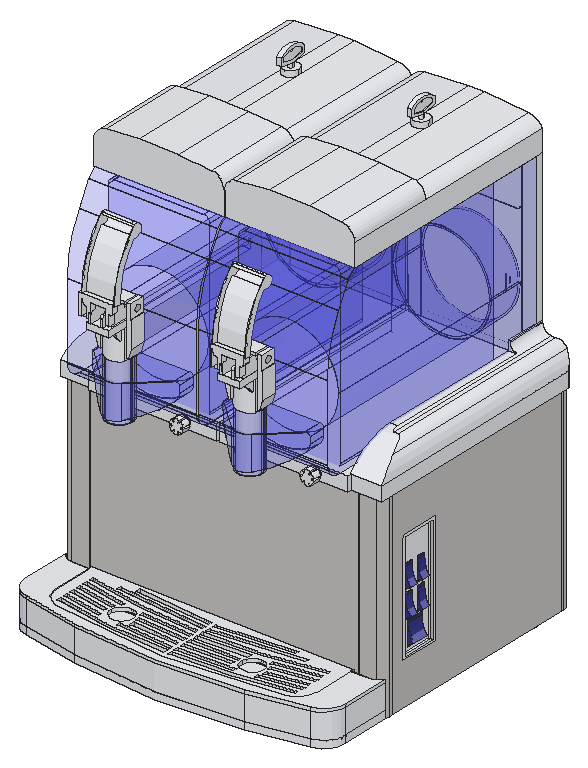
Revit family "QF_ELECTROLUXPROFESSIONAL_560107_SP2NewUVUK", category Specialty Equipment, Revit 2018
Family settings
  Round Connector Dimension = Use Diameter
  Part Type = Normal
  Work Plane-Based = No
  Always vertical = Yes
  Cut with Voids When Loaded = No
  Shared = No
  Room Calculation Point = No
Parameters (values of type "Standard")
  Watts = 0 W
  Volts = 220 V
  URL Manufacturer = "http://professional.electrolux.com"
  URL = "http://professional.electrolux.com"
  Steam Supply Size = 0 mm
  Steam Supply Minimum Pressure = 0.0 Pa
  Steam Supply Maximum Pressure = 0.0 Pa
  Steam Pounds per Hour = 0
  Refrigeration Suction Line Size = 0 mm
  Refrigeration Liquid Line Size = 0 mm
  Refrigerant Compressor Remote = yes
  Manufacturer = "Electrolux Professional"
  Phase = 1
  Model = "SP2NewUVUK"
  Length Actual = 447 mm  # constant formula
  Item Number = "560107"
  Hot Water Size = 0 mm
  Height Actual = 613 mm  # constant formula
  HP = "1.1 HP"
  Gas Size = 0 mm
  Gas KW = 0
  Gas Input Pressure = 0 W
  Direct Waste Size = 0 mm
  Description = "2x5 LITERS BOWLS - FROZEN GRANITA AND FROZEN CREAM DISPENSER -  2 INSULATED BOWLS - UV LIGHT - UK"
  Depth Actual = 442 mm  # constant formula
  Cycle = 50 Hz
  Condensate Return Size = 0 mm
  Compressed Air Volume = 0.0 L/s
  Compressed Air Size = 0 mm
  Compressed Air Pressure = 0.0 Pa
  Cold Water Size = 0 mm
  Accessory = yes
Reference planes
  plane 1 "Center (Front/Back)": y = 0
  plane 2 "BASE": z = 0
  plane 3 "Center (Left/Right)": x = 0
  plane 4 "FEET": z = 14
  plane 5 "BACK": y = 212
  plane 6 "LEFT": x = -223.5
  plane 7 "RIGHT": x = 223.5
  plane 8: y = 169
  plane 9: y = -118.5
  plane 10 "BackButton": z = 362.798
  plane 11 "TOP": z = 640
  plane 12 "FRONT": y = -230
Forms (mm)
  Extrusion 1, solid, material "QF_Finishes_Rubber Black"
    sketch origin (-29, 0, 0) x (1, 0, 0) y (0, 1, 0)
      loop
        circle (-163.5, 169) r 12.5
    from 0 to 3
  Blend 2, solid
    base sketch origin (-29, 0, 0) x (1, 0, 0) y (0, 1, 0)
      loop
        circle (-163.5, 169) r 15.5
    top sketch origin (-29, 0, 0) x (1, 0, 0) y (0, 1, 0)
      loop
        circle (-163.5, 169) r 17
    from 3 to 14
  Extrusion 3, solid, material "QF_Finishes_Rubber Black"
    sketch origin (171, 0, 0) x (1, 0, 0) y (0, 1, 0)
      loop
        circle (21.5, 169) r 12.5
    from 0 to 3
  Blend 4, solid
    base sketch origin (171, 0, 0) x (1, 0, 0) y (0, 1, 0)
      loop
        circle (21.5, 169) r 15.5
    top sketch origin (171, 0, 0) x (1, 0, 0) y (0, 1, 0)
      loop
        circle (21.5, 169) r 17
    from 3 to 14
  Extrusion 5, solid, material "QF_Finishes_Rubber Black"
    sketch origin (171, -267.5, 0) x (1, 0, 0) y (0, 1, 0)
      loop
        circle (21.5, 186.5) r 12.5
    from 0 to 3
  Blend 6, solid
    base sketch origin (171, -267.5, 0) x (1, 0, 0) y (0, 1, 0)
      loop
        circle (21.5, 186.5) r 15.5
    top sketch origin (171, -267.5, 0) x (1, 0, 0) y (0, 1, 0)
      loop
        circle (21.5, 186.5) r 17
    from 3 to 14
  Extrusion 7, solid, material "QF_Finishes_Rubber Black"
    sketch origin (-29, -267.5, 0) x (1, 0, 0) y (0, 1, 0)
      loop
        circle (-163.5, 186.5) r 12.5
    from 0 to 3
  Blend 8, solid
    base sketch origin (-29, -267.5, 0) x (1, 0, 0) y (0, 1, 0)
      loop
        circle (-163.5, 186.5) r 15.5
    top sketch origin (-29, -267.5, 0) x (1, 0, 0) y (0, 1, 0)
      loop
        circle (-163.5, 186.5) r 17
    from 3 to 14
  Extrusion 9, solid, material "QF_Finishes_Stainless Steel"
    sketch origin (-198, 50, 14) x (-1, 0, 0) y (0, -1, 0)
      loop
        circle (-21.5, 81) r 10
    from 0 to -10
  Extrusion 10, solid, material "QF_Finishes_Stainless Steel"
    sketch origin (223.5, 0, 0) x (0, -1, 0) y (0, 0, 1)
      loop
        line (-195.256, 14) -> (96.764, 14) -> (96.764, 286) -> (-195.256, 286) -> (-195.256, 14)
      loop
        line (75.773, 225.287) -> (25.71, 225.287) -> (25.71, 75.287) -> (75.773, 75.287) -> (75.773, 225.287)
    from 6 to 3
  Extrusion 11, solid, material "QF_Finishes_Stainless Steel"
    sketch origin (-225.5, 0, 0) x (0, -1, 0) y (0, 0, -1)
      loop
        line (-195.256, -14) -> (-195.256, -286) -> (96.764, -286) -> (96.764, -14) -> (-195.256, -14)
    from 8 to 5
  Extrusion 12, solid, material "QF_Finishes_Stainless Steel"
    sketch origin (0, 0, 14) x (-1, 0, 0) y (0, -1, 0)
      loop
        line (-220.5, 100.829) -> (-220.5, 96.764) -> (-217.5, 96.764) -> (-217.5, 100.829)
        arc (-217.5, 100.829) -> (-215.45, 105.778) -> (-210.5, 107.829) r 7
        line (-210.5, 107.829) -> (-185.657, 107.829) -> (-185.657, 110.829) -> (-210.5, 110.829)
        arc (-210.5, 110.829) -> (-217.571, 107.9) -> (-220.5, 100.829) r 10
    from 0 to 272
  Extrusion 13, solid, material "QF_Finishes_Stainless Steel"
    sketch origin (0, 0, 14) x (1, 0, 0) y (0, 1, 0)
      loop
        arc (-220.5, -100.829) -> (-217.571, -107.9) -> (-210.5, -110.829) r 10
        line (-210.5, -110.829) -> (-185.657, -110.829) -> (-185.657, -107.829) -> (-210.5, -107.829)
        arc (-210.5, -107.829) -> (-215.45, -105.778) -> (-217.5, -100.829) r 7
        line (-217.5, -100.829) -> (-217.5, -96.764) -> (-220.5, -96.764) -> (-220.5, -100.829)
    from 0 to 272
  Extrusion 14, solid, material "QF_Finishes_Stainless Steel"
    sketch origin (0, 98.492, 14) x (-1, 0, 0) y (0, -1, 0)
      loop
        arc (-220.5, -100.829) -> (-217.571, -107.9) -> (-210.5, -110.829) r 10
        line (-210.5, -110.829) -> (-185.657, -110.829) -> (-185.657, -107.829) -> (-210.5, -107.829)
        arc (-210.5, -107.829) -> (-215.45, -105.778) -> (-217.5, -100.829) r 7
        line (-217.5, -100.829) -> (-217.5, -96.764) -> (-220.5, -96.764) -> (-220.5, -100.829)
    from 0 to 272
  Extrusion 15, solid, material "QF_Finishes_Stainless Steel"
    sketch origin (0, 98.492, 14) x (1, 0, 0) y (0, 1, 0)
      loop
        line (-220.5, 100.829) -> (-220.5, 96.764) -> (-217.5, 96.764) -> (-217.5, 100.829)
        arc (-217.5, 100.829) -> (-215.45, 105.778) -> (-210.5, 107.829) r 7
        line (-210.5, 107.829) -> (-185.657, 107.829) -> (-185.657, 110.829) -> (-210.5, 110.829)
        arc (-210.5, 110.829) -> (-217.571, 107.9) -> (-220.5, 100.829) r 10
    from 0 to 272
  Extrusion 16, solid, material "QF_Finishes_White"
    sketch origin (0, 0, 14) x (-1, 0, 0) y (0, -1, 0)
      loop
        line (185.657, -209.321) -> (185.657, -206.321) -> (-185.657, -206.321) -> (-185.657, -209.321) -> (185.657, -209.321)
    from 0 to 272
  Extrusion 17, solid, material "QF_Finishes_Stainless Steel"
    sketch origin (0, 0, 14) x (-1, 0, 0) y (0, -1, 0)
      loop
        line (185.657, 107.829) -> (185.657, 110.829) -> (-185.657, 110.829) -> (-185.657, 107.829) -> (185.657, 107.829)
    from 0 to 272
  Extrusion 18, solid, material "QF_Finishes_White"
    sketch origin (0, 0, 0) x (0, 1, 0) y (0, 0, 1)
      loop
        line (-77.773, 227.287) -> (-77.773, 73.287) -> (-23.71, 73.287) -> (-23.71, 227.287) -> (-77.773, 227.287)
    from 210.5 to 220.5
  Extrusion 19, void
    sketch origin (0, 0, 0) x (0, 1, 0) y (0, 0, 1)
      loop
        line (-75.773, 225.287) -> (-75.773, 75.287) -> (-25.71, 75.287) -> (-25.71, 225.287) -> (-75.773, 225.287)
    from 212.5 to 220.5
  Extrusion 20, solid, material "QF_Finishes_Rubber Black"
    sketch origin (0, -225, 0) x (-1, 0, 0) y (0, 0, 1)
      loop
        line (-212.5, 113.524) -> (-214.745, 113.524) -> (-214.745, 110.624)
        arc (-214.745, 110.624) -> (-216.502, 98.098) -> (-221.637, 86.539) r 45.529
        line (-221.637, 86.539) -> (-214.745, 83.471) -> (-214.745, 81.362) -> (-212.5, 81.362) -> (-212.5, 113.524)
    from 186 to 163
  Extrusion 21, solid, material "QF_Finishes_Rubber Black"
    sketch origin (0, -225, 0) x (-1, 0, 0) y (0, 0, 1)
      loop
        line (-212.5, 185.457) -> (-214.745, 185.457) -> (-214.745, 182.557)
        arc (-214.745, 182.557) -> (-216.502, 170.032) -> (-221.637, 158.473) r 45.529
        line (-221.637, 158.473) -> (-214.745, 155.405) -> (-214.745, 153.296) -> (-212.5, 153.296) -> (-212.5, 185.457)
    from 190 to 180
  Extrusion 22, solid, material "QF_Finishes_Rubber Black"
    sketch origin (0, -225, 0) x (-1, 0, 0) y (0, 0, 1)
      loop
        line (-212.5, 148.728) -> (-214.745, 148.728) -> (-214.745, 145.828)
        arc (-214.745, 145.828) -> (-216.502, 133.303) -> (-221.637, 121.744) r 45.529
        line (-221.637, 121.744) -> (-214.745, 118.675) -> (-214.745, 116.567) -> (-212.5, 116.567) -> (-212.5, 148.728)
    from 190 to 180
  Extrusion 23, solid, material "QF_Finishes_Rubber Black"
    sketch origin (0, 123.518, 0) x (-1, 0, 0) y (0, 0, -1)
      loop
        line (-212.5, -185.457) -> (-212.5, -153.296) -> (-214.745, -153.296) -> (-214.745, -155.405) -> (-221.637, -158.473)
        arc (-221.637, -158.473) -> (-216.502, -170.032) -> (-214.745, -182.557) r 45.529
        line (-214.745, -182.557) -> (-214.745, -185.457) -> (-212.5, -185.457)
    from 190 to 180
  Extrusion 24, solid, material "QF_Finishes_Rubber Black"
    sketch origin (0, 123.518, 0) x (-1, 0, 0) y (0, 0, -1)
      loop
        line (-212.5, -148.728) -> (-212.5, -116.567) -> (-214.745, -116.567) -> (-214.745, -118.675) -> (-221.637, -121.744)
        arc (-221.637, -121.744) -> (-216.502, -133.303) -> (-214.745, -145.828) r 45.529
        line (-214.745, -145.828) -> (-214.745, -148.728) -> (-212.5, -148.728)
    from 190 to 180
  Extrusion 25, solid, material "QF_Finishes_White"
    sketch origin (0, 0, 14) x (-1, 0, 0) y (0, -1, 0)
      loop
        arc (203.5, 118) -> (213.228, 115.474) -> (220.5, 108.536) r 20
        line (220.5, 108.536) -> (220.5, 176.53)
        arc (220.5, 176.53) -> (213.649, 195.612) -> (196.224, 205.979) r 30
        line (196.224, 205.979) -> (117.634, 221.255)
        arc (117.634, 221.255) -> (0, 230) -> (-117.634, 221.255) r 795.559
        line (-117.634, 221.255) -> (-196.224, 205.979)
        arc (-196.224, 205.979) -> (-213.649, 195.612) -> (-220.5, 176.53) r 30
        line (-220.5, 176.53) -> (-220.5, 108.536)
        arc (-220.5, 108.536) -> (-213.228, 115.474) -> (-203.5, 118) r 20
        line (-203.5, 118) -> (-180.657, 118) -> (-180.657, 174.118)
        arc (-180.657, 174.118) -> (-173.912, 193.071) -> (-156.71, 203.501) r 30
        arc (-156.71, 203.501) -> (0, 219.475) -> (156.71, 203.501) r 776.665
        arc (156.71, 203.501) -> (173.912, 193.071) -> (180.657, 174.118) r 30
        line (180.657, 174.118) -> (180.657, 118) -> (203.5, 118)
    from 0 to 49
  Extrusion 26, solid, material "QF_Finishes_White"
    sketch origin (0, 0, 14) x (-1, 0, 0) y (0, -1, 0)
      loop
        line (220.5, 108.536) -> (220.5, 176.53)
        arc (220.5, 176.53) -> (213.649, 195.612) -> (196.224, 205.979) r 30
        line (196.224, 205.979) -> (117.634, 221.255)
        arc (117.634, 221.255) -> (0, 230) -> (-117.634, 221.255) r 795.559
        line (-117.634, 221.255) -> (-196.224, 205.979)
        arc (-196.224, 205.979) -> (-213.649, 195.612) -> (-220.5, 176.53) r 30
        line (-220.5, 176.53) -> (-220.5, 108.536)
        arc (-220.5, 108.536) -> (-213.228, 115.474) -> (-203.5, 118) r 20
        line (-203.5, 118) -> (-180, 118) -> (-180, 113) -> (180, 113) -> (180, 118) -> (203.5, 118)
        arc (203.5, 118) -> (213.228, 115.474) -> (220.5, 108.536) r 20
    from 45 to 49
  Extrusion 27, solid, material "QF_Finishes_White"
    sketch origin (0, 0, 14) x (-1, 0, 0) y (0, -1, 0)
      loop
        line (220.5, 108.536) -> (220.5, 176.53)
        arc (220.5, 176.53) -> (213.649, 195.612) -> (196.224, 205.979) r 30
        line (196.224, 205.979) -> (117.634, 221.255)
        arc (117.634, 221.255) -> (0, 230) -> (-117.634, 221.255) r 795.559
        line (-117.634, 221.255) -> (-196.224, 205.979)
        arc (-196.224, 205.979) -> (-213.649, 195.612) -> (-220.5, 176.53) r 30
        line (-220.5, 176.53) -> (-220.5, 108.536)
        arc (-220.5, 108.536) -> (-213.228, 115.474) -> (-203.5, 118) r 20
        line (-203.5, 118) -> (-180, 118) -> (-180, 113) -> (180, 113) -> (180, 118) -> (203.5, 118)
        arc (203.5, 118) -> (213.228, 115.474) -> (220.5, 108.536) r 20
    from 0 to 10
  Extrusion 28, void
    sketch origin (0, 0, 14) x (-1, 0, 0) y (0, -1, 0)
      loop
        circle (90, 174.177) r 15.5
      loop
        arc (164.485, 193.398) -> (84.102, 206.528) -> (2.783, 211.117) r 772.106
        line (2.783, 211.117) -> (2.783, 205.117)
        arc (2.783, 205.117) -> (84.109, 200.491) -> (164.485, 187.256) r 766.106
        line (164.485, 187.256) -> (164.485, 193.398)
      loop
        line (2.783, 200.117) -> (2.783, 194.117)
        arc (2.783, 194.117) -> (41.62, 192.974) -> (80.347, 189.836) r 755.106
        line (80.347, 189.836) -> (80.347, 195.869)
        arc (80.347, 195.869) -> (41.619, 198.984) -> (2.783, 200.117) r 761.106
      loop
        line (2.783, 189.117) -> (2.783, 183.117)
        arc (2.783, 183.117) -> (36.168, 182.243) -> (69.481, 179.871) r 744.106
        line (69.481, 179.871) -> (69.481, 185.897)
        arc (69.481, 185.897) -> (36.168, 188.25) -> (2.783, 189.117) r 750.106
      loop
        line (2.783, 178.117) -> (2.783, 172.117)
        arc (2.783, 172.117) -> (37.054, 171.185) -> (71.244, 168.652) r 733.106
        line (71.244, 168.652) -> (71.244, 174.681)
        arc (71.244, 174.681) -> (37.054, 177.193) -> (2.783, 178.117) r 739.106
      loop
        line (2.783, 167.117) -> (2.783, 161.117)
        arc (2.783, 161.117) -> (38.826, 160.078) -> (74.773, 157.241) r 722.106
        line (74.773, 157.241) -> (74.773, 163.273)
        arc (74.773, 163.273) -> (38.825, 166.086) -> (2.783, 167.117) r 728.106
      loop
        line (2.783, 156.117) -> (2.783, 150.117)
        arc (2.783, 150.117) -> (84.188, 145.121) -> (164.485, 130.837) r 711.106
        line (164.485, 130.837) -> (164.485, 137.003)
        arc (164.485, 137.003) -> (84.178, 151.165) -> (2.783, 156.117) r 717.106
      loop
        line (107.446, 192.5) -> (107.446, 186.439)
        arc (107.446, 186.439) -> (136.066, 181.762) -> (164.485, 175.99) r 755.106
        line (164.485, 175.99) -> (164.485, 182.136)
        arc (164.485, 182.136) -> (136.064, 187.861) -> (107.446, 192.5) r 761.106
      loop
        line (110.037, 181.007) -> (110.037, 174.941)
        arc (110.037, 174.941) -> (137.356, 170.335) -> (164.485, 164.715) r 744.106
        line (164.485, 164.715) -> (164.485, 170.866)
        arc (164.485, 170.866) -> (137.355, 176.439) -> (110.037, 181.007) r 750.106
      loop
        line (107.446, 170.271) -> (107.446, 164.206)
        arc (107.446, 164.206) -> (136.072, 159.383) -> (164.485, 153.432) r 733.106
        line (164.485, 153.432) -> (164.485, 159.587)
        arc (164.485, 159.587) -> (136.071, 165.489) -> (107.446, 170.271) r 739.106
      loop
        line (101.843, 159.965) -> (101.843, 153.904)
        arc (101.843, 153.904) -> (133.294, 148.713) -> (164.485, 142.139) r 722.106
        line (164.485, 142.139) -> (164.485, 148.3)
        arc (164.485, 148.3) -> (133.292, 154.818) -> (101.843, 159.965) r 728.106
      loop
        line (2.763, 145.117) -> (2.763, 139.117)
        arc (2.763, 139.117) -> (66.368, 135.969) -> (129.424, 127.055) r 700.106
        line (129.424, 127.055) -> (129.424, 133.16)
        arc (129.424, 133.16) -> (66.364, 141.997) -> (2.763, 145.117) r 706.106
      loop
        line (2.72, 134.117) -> (2.72, 128.117)
        arc (2.72, 128.117) -> (56.552, 125.798) -> (110.037, 119.28) r 689.106
        line (110.037, 119.28) -> (110.037, 125.358)
        arc (110.037, 125.358) -> (56.549, 131.818) -> (2.72, 134.117) r 695.106
      loop
        circle (-90, 174.177) r 15.5
      loop
        line (-164.485, 193.398) -> (-164.485, 187.256)
        arc (-164.485, 187.256) -> (-84.109, 200.491) -> (-2.783, 205.117) r 766.106
        line (-2.783, 205.117) -> (-2.783, 211.117)
        arc (-2.783, 211.117) -> (-84.102, 206.528) -> (-164.485, 193.398) r 772.106
      loop
        arc (-2.783, 200.117) -> (-41.619, 198.984) -> (-80.347, 195.869) r 761.106
        line (-80.347, 195.869) -> (-80.347, 189.836)
        arc (-80.347, 189.836) -> (-41.62, 192.974) -> (-2.783, 194.117) r 755.106
        line (-2.783, 194.117) -> (-2.783, 200.117)
      loop
        arc (-2.783, 189.117) -> (-36.168, 188.25) -> (-69.481, 185.897) r 750.106
        line (-69.481, 185.897) -> (-69.481, 179.871)
        arc (-69.481, 179.871) -> (-36.168, 182.243) -> (-2.783, 183.117) r 744.106
        line (-2.783, 183.117) -> (-2.783, 189.117)
      loop
        arc (-2.783, 178.117) -> (-37.054, 177.193) -> (-71.244, 174.681) r 739.106
        line (-71.244, 174.681) -> (-71.244, 168.652)
        arc (-71.244, 168.652) -> (-37.054, 171.185) -> (-2.783, 172.117) r 733.106
        line (-2.783, 172.117) -> (-2.783, 178.117)
      loop
        arc (-2.783, 167.117) -> (-38.825, 166.086) -> (-74.773, 163.273) r 728.106
        line (-74.773, 163.273) -> (-74.773, 157.241)
        arc (-74.773, 157.241) -> (-38.826, 160.078) -> (-2.783, 161.117) r 722.106
        line (-2.783, 161.117) -> (-2.783, 167.117)
      loop
        arc (-2.783, 156.117) -> (-84.178, 151.165) -> (-164.485, 137.003) r 717.106
        line (-164.485, 137.003) -> (-164.485, 130.837)
        arc (-164.485, 130.837) -> (-84.188, 145.121) -> (-2.783, 150.117) r 711.106
        line (-2.783, 150.117) -> (-2.783, 156.117)
      loop
        arc (-107.446, 192.5) -> (-136.064, 187.861) -> (-164.485, 182.136) r 761.106
        line (-164.485, 182.136) -> (-164.485, 175.99)
        arc (-164.485, 175.99) -> (-136.066, 181.762) -> (-107.446, 186.439) r 755.106
        line (-107.446, 186.439) -> (-107.446, 192.5)
      loop
        arc (-110.037, 181.007) -> (-137.355, 176.439) -> (-164.485, 170.866) r 750.106
        line (-164.485, 170.866) -> (-164.485, 164.715)
        arc (-164.485, 164.715) -> (-137.356, 170.335) -> (-110.037, 174.941) r 744.106
        line (-110.037, 174.941) -> (-110.037, 181.007)
      loop
        arc (-107.446, 170.271) -> (-136.071, 165.489) -> (-164.485, 159.587) r 739.106
        line (-164.485, 159.587) -> (-164.485, 153.432)
        arc (-164.485, 153.432) -> (-136.072, 159.383) -> (-107.446, 164.206) r 733.106
        line (-107.446, 164.206) -> (-107.446, 170.271)
      loop
        arc (-101.843, 159.965) -> (-133.292, 154.818) -> (-164.485, 148.3) r 728.106
        line (-164.485, 148.3) -> (-164.485, 142.139)
        arc (-164.485, 142.139) -> (-133.294, 148.713) -> (-101.843, 153.904) r 722.106
        line (-101.843, 153.904) -> (-101.843, 159.965)
      loop
        arc (-2.763, 145.117) -> (-66.364, 141.997) -> (-129.424, 133.16) r 706.106
        line (-129.424, 133.16) -> (-129.424, 127.055)
        arc (-129.424, 127.055) -> (-66.368, 135.969) -> (-2.763, 139.117) r 700.106
        line (-2.763, 139.117) -> (-2.763, 145.117)
      loop
        arc (-2.72, 134.117) -> (-56.549, 131.818) -> (-110.037, 125.358) r 695.106
        line (-110.037, 125.358) -> (-110.037, 119.28)
        arc (-110.037, 119.28) -> (-56.552, 125.798) -> (-2.72, 128.117) r 689.106
        line (-2.72, 128.117) -> (-2.72, 134.117)
    from 35.454 to 54.996
  Extrusion 29, solid, material "QF_Clearances", detail levels coarse
    sketch origin (888.173, -11.659, 0) x (1, 0, 0) y (0, 1, 0)
      loop
        line (-1111.81, -218.341) -> (-1111.81, 223.659) -> (-664.81, 223.659) -> (-664.81, -218.341) -> (-464.81, -218.341) -> (-464.81, 423.659) -> (-1311.81, 423.659) -> (-1311.81, -218.341) -> (-1111.81, -218.341)
    from 0 to 640
Cuts and joins
  Extrusion 19 cuts Extrusion 18
  Extrusion 28 cuts Extrusion 26
  Extrusion 28 cuts Extrusion 27
Lines and regions (mm)
  Split face 1
    outline origin (220.5, 154.141, 0) x (0, -1, 0) y (0, 0, 1)
      loop
        line (54.641, 200.213) -> (-10.359, 200.213) -> (-14.859, 192.213) -> (59.141, 192.213) -> (54.641, 200.213)
  Split face 2
    outline origin (220.5, 154.141, -10) x (0, -1, 0) y (0, 0, 1)
      loop
        line (54.641, 200.213) -> (-10.359, 200.213) -> (-14.859, 192.213) -> (59.141, 192.213) -> (54.641, 200.213)
  Split face 3
    outline origin (220.5, 154.141, -20) x (0, -1, 0) y (0, 0, 1)
      loop
        line (54.641, 200.213) -> (-10.359, 200.213) -> (-14.859, 192.213) -> (59.141, 192.213) -> (54.641, 200.213)
  Split face 4
    outline origin (220.5, 154.141, -30) x (0, -1, 0) y (0, 0, 1)
      loop
        line (54.641, 200.213) -> (-10.359, 200.213) -> (-14.859, 192.213) -> (59.141, 192.213) -> (54.641, 200.213)
  Split face 5
    outline origin (220.5, 154.141, -40) x (0, -1, 0) y (0, 0, 1)
      loop
        line (54.641, 200.213) -> (-10.359, 200.213) -> (-14.859, 192.213) -> (59.141, 192.213) -> (54.641, 200.213)
  Split face 6
    outline origin (220.5, 154.141, -50) x (0, -1, 0) y (0, 0, 1)
      loop
        line (54.641, 200.213) -> (-10.359, 200.213) -> (-14.859, 192.213) -> (59.141, 192.213) -> (54.641, 200.213)
  Split face 7
    outline origin (220.5, 154.141, -60) x (0, -1, 0) y (0, 0, 1)
      loop
        line (54.641, 200.213) -> (-10.359, 200.213) -> (-14.859, 192.213) -> (59.141, 192.213) -> (54.641, 200.213)
  Split face 8
    outline origin (220.5, 154.141, -70) x (0, -1, 0) y (0, 0, 1)
      loop
        line (54.641, 200.213) -> (-10.359, 200.213) -> (-14.859, 192.213) -> (59.141, 192.213) -> (54.641, 200.213)
  Split face 9
    outline origin (220.5, 154.141, -80) x (0, -1, 0) y (0, 0, 1)
      loop
        line (54.641, 200.213) -> (-10.359, 200.213) -> (-14.859, 192.213) -> (59.141, 192.213) -> (54.641, 200.213)
  Split face 10
    outline origin (220.5, 154.141, -90) x (0, -1, 0) y (0, 0, 1)
      loop
        line (54.641, 200.213) -> (-10.359, 200.213) -> (-14.859, 192.213) -> (59.141, 192.213) -> (54.641, 200.213)
  Split face 11
    outline origin (220.5, 154.141, -100) x (0, -1, 0) y (0, 0, 1)
      loop
        line (54.641, 200.213) -> (-10.359, 200.213) -> (-14.859, 192.213) -> (59.141, 192.213) -> (54.641, 200.213)
  Split face 12
    outline origin (220.5, 154.141, -110) x (0, -1, 0) y (0, 0, 1)
      loop
        line (54.641, 200.213) -> (-10.359, 200.213) -> (-14.859, 192.213) -> (59.141, 192.213) -> (54.641, 200.213)
  Split face 13
    outline origin (220.5, 154.141, -120) x (0, -1, 0) y (0, 0, 1)
      loop
        line (54.641, 200.213) -> (-10.359, 200.213) -> (-14.859, 192.213) -> (59.141, 192.213) -> (54.641, 200.213)
  Split face 14
    outline origin (220.5, 154.141, -130) x (0, -1, 0) y (0, 0, 1)
      loop
        line (54.641, 200.213) -> (-10.359, 200.213) -> (-14.859, 192.213) -> (59.141, 192.213) -> (54.641, 200.213)
  Split face 15
    outline origin (220.5, 154.141, -140) x (0, -1, 0) y (0, 0, 1)
      loop
        line (54.641, 200.213) -> (-10.359, 200.213) -> (-14.859, 192.213) -> (59.141, 192.213) -> (54.641, 200.213)
  Split face 16
    outline origin (220.5, 154.141, -150) x (0, -1, 0) y (0, 0, 1)
      loop
        line (54.641, 200.213) -> (-10.359, 200.213) -> (-14.859, 192.213) -> (59.141, 192.213) -> (54.641, 200.213)
  Split face 17
    outline origin (220.5, 154.141, 70) x (0, -1, 0) y (0, 0, 1)
      loop
        line (54.641, 200.213) -> (-10.359, 200.213) -> (-14.859, 192.213) -> (59.141, 192.213) -> (54.641, 200.213)
  Split face 18
    outline origin (220.5, 154.141, 60) x (0, -1, 0) y (0, 0, 1)
      loop
        line (54.641, 200.213) -> (-10.359, 200.213) -> (-14.859, 192.213) -> (59.141, 192.213) -> (54.641, 200.213)
  Split face 19
    outline origin (220.5, 154.141, 50) x (0, -1, 0) y (0, 0, 1)
      loop
        line (54.641, 200.213) -> (-10.359, 200.213) -> (-14.859, 192.213) -> (59.141, 192.213) -> (54.641, 200.213)
  Split face 20
    outline origin (220.5, 154.141, 40) x (0, -1, 0) y (0, 0, 1)
      loop
        line (54.641, 200.213) -> (-10.359, 200.213) -> (-14.859, 192.213) -> (59.141, 192.213) -> (54.641, 200.213)
  Split face 21
    outline origin (220.5, 154.141, 30) x (0, -1, 0) y (0, 0, 1)
      loop
        line (54.641, 200.213) -> (-10.359, 200.213) -> (-14.859, 192.213) -> (59.141, 192.213) -> (54.641, 200.213)
  Split face 22
    outline origin (220.5, 154.141, 20) x (0, -1, 0) y (0, 0, 1)
      loop
        line (54.641, 200.213) -> (-10.359, 200.213) -> (-14.859, 192.213) -> (59.141, 192.213) -> (54.641, 200.213)
  Split face 23
    outline origin (220.5, 154.141, 10) x (0, -1, 0) y (0, 0, 1)
      loop
        line (54.641, 200.213) -> (-10.359, 200.213) -> (-14.859, 192.213) -> (59.141, 192.213) -> (54.641, 200.213)
  Split face 24
    outline origin (-220.5, -2.859, 0) x (0, -1, 0) y (0, 0, -1)
      loop
        line (-30.859, -262.213) -> (-104.859, -262.213) -> (-100.359, -270.213) -> (-35.359, -270.213) -> (-30.859, -262.213)
  Split face 25
    outline origin (-220.5, -2.859, 0) x (0, -1, 0) y (0, 0, -1)
      loop
        line (-30.859, -252.213) -> (-104.859, -252.213) -> (-100.359, -260.213) -> (-35.359, -260.213) -> (-30.859, -252.213)
  Split face 26
    outline origin (-220.5, -2.859, 0) x (0, -1, 0) y (0, 0, -1)
      loop
        line (-30.859, -242.213) -> (-104.859, -242.213) -> (-100.359, -250.213) -> (-35.359, -250.213) -> (-30.859, -242.213)
  Split face 27
    outline origin (-220.5, -2.859, -20) x (0, -1, 0) y (0, 0, -1)
      loop
        line (-30.859, -252.213) -> (-104.859, -252.213) -> (-100.359, -260.213) -> (-35.359, -260.213) -> (-30.859, -252.213)
  Split face 28
    outline origin (-220.5, -2.859, -20) x (0, -1, 0) y (0, 0, -1)
      loop
        line (-30.859, -242.213) -> (-104.859, -242.213) -> (-100.359, -250.213) -> (-35.359, -250.213) -> (-30.859, -242.213)
  Split face 29
    outline origin (-220.5, -2.859, -40) x (0, -1, 0) y (0, 0, -1)
      loop
        line (-30.859, -252.213) -> (-104.859, -252.213) -> (-100.359, -260.213) -> (-35.359, -260.213) -> (-30.859, -252.213)
  Split face 30
    outline origin (-220.5, -2.859, -40) x (0, -1, 0) y (0, 0, -1)
      loop
        line (-30.859, -242.213) -> (-104.859, -242.213) -> (-100.359, -250.213) -> (-35.359, -250.213) -> (-30.859, -242.213)
  Split face 31
    outline origin (-220.5, -2.859, -60) x (0, -1, 0) y (0, 0, -1)
      loop
        line (-30.859, -252.213) -> (-104.859, -252.213) -> (-100.359, -260.213) -> (-35.359, -260.213) -> (-30.859, -252.213)
  Split face 32
    outline origin (-220.5, -2.859, -60) x (0, -1, 0) y (0, 0, -1)
      loop
        line (-30.859, -242.213) -> (-104.859, -242.213) -> (-100.359, -250.213) -> (-35.359, -250.213) -> (-30.859, -242.213)
  Split face 33
    outline origin (-220.5, -2.859, -80) x (0, -1, 0) y (0, 0, -1)
      loop
        line (-30.859, -252.213) -> (-104.859, -252.213) -> (-100.359, -260.213) -> (-35.359, -260.213) -> (-30.859, -252.213)
  Split face 34
    outline origin (-220.5, -2.859, -80) x (0, -1, 0) y (0, 0, -1)
      loop
        line (-30.859, -242.213) -> (-104.859, -242.213) -> (-100.359, -250.213) -> (-35.359, -250.213) -> (-30.859, -242.213)
  Split face 35
    outline origin (-220.5, -2.859, -100) x (0, -1, 0) y (0, 0, -1)
      loop
        line (-30.859, -252.213) -> (-104.859, -252.213) -> (-100.359, -260.213) -> (-35.359, -260.213) -> (-30.859, -252.213)
  Split face 36
    outline origin (-220.5, -2.859, -100) x (0, -1, 0) y (0, 0, -1)
      loop
        line (-30.859, -242.213) -> (-104.859, -242.213) -> (-100.359, -250.213) -> (-35.359, -250.213) -> (-30.859, -242.213)
  Split face 37
    outline origin (-220.5, -2.859, -120) x (0, -1, 0) y (0, 0, -1)
      loop
        line (-30.859, -252.213) -> (-104.859, -252.213) -> (-100.359, -260.213) -> (-35.359, -260.213) -> (-30.859, -252.213)
  Split face 38
    outline origin (-220.5, -2.859, -120) x (0, -1, 0) y (0, 0, -1)
      loop
        line (-30.859, -242.213) -> (-104.859, -242.213) -> (-100.359, -250.213) -> (-35.359, -250.213) -> (-30.859, -242.213)
  Split face 39
    outline origin (-220.5, -2.859, -140) x (0, -1, 0) y (0, 0, -1)
      loop
        line (-30.859, -252.213) -> (-104.859, -252.213) -> (-100.359, -260.213) -> (-35.359, -260.213) -> (-30.859, -252.213)
  Split face 40
    outline origin (-220.5, -2.859, -140) x (0, -1, 0) y (0, 0, -1)
      loop
        line (-30.859, -242.213) -> (-104.859, -242.213) -> (-100.359, -250.213) -> (-35.359, -250.213) -> (-30.859, -242.213)
  Split face 41
    outline origin (-220.5, -2.859, -160) x (0, -1, 0) y (0, 0, -1)
      loop
        line (-30.859, -252.213) -> (-104.859, -252.213) -> (-100.359, -260.213) -> (-35.359, -260.213) -> (-30.859, -252.213)
  Split face 42
    outline origin (-220.5, -2.859, -160) x (0, -1, 0) y (0, 0, -1)
      loop
        line (-30.859, -242.213) -> (-104.859, -242.213) -> (-100.359, -250.213) -> (-35.359, -250.213) -> (-30.859, -242.213)
  Split face 43
    outline origin (-220.5, -2.859, -180) x (0, -1, 0) y (0, 0, -1)
      loop
        line (-30.859, -252.213) -> (-104.859, -252.213) -> (-100.359, -260.213) -> (-35.359, -260.213) -> (-30.859, -252.213)
  Split face 44
    outline origin (-220.5, -2.859, -180) x (0, -1, 0) y (0, 0, -1)
      loop
        line (-30.859, -242.213) -> (-104.859, -242.213) -> (-100.359, -250.213) -> (-35.359, -250.213) -> (-30.859, -242.213)
  Split face 45
    outline origin (-220.5, -2.859, -200) x (0, -1, 0) y (0, 0, -1)
      loop
        line (-30.859, -252.213) -> (-104.859, -252.213) -> (-100.359, -260.213) -> (-35.359, -260.213) -> (-30.859, -252.213)
  Split face 46
    outline origin (-220.5, -2.859, -200) x (0, -1, 0) y (0, 0, -1)
      loop
        line (-30.859, -242.213) -> (-104.859, -242.213) -> (-100.359, -250.213) -> (-35.359, -250.213) -> (-30.859, -242.213)
  Split face 47
    outline origin (-220.5, -92.859, 0) x (0, -1, 0) y (0, 0, -1)
      loop
        line (-30.859, -262.213) -> (-104.859, -262.213) -> (-100.359, -270.213) -> (-35.359, -270.213) -> (-30.859, -262.213)
  Split face 48
    outline origin (-220.5, -92.859, 0) x (0, -1, 0) y (0, 0, -1)
      loop
        line (-30.859, -252.213) -> (-104.859, -252.213) -> (-100.359, -260.213) -> (-35.359, -260.213) -> (-30.859, -252.213)
  Split face 49
    outline origin (-220.5, -92.859, 0) x (0, -1, 0) y (0, 0, -1)
      loop
        line (-30.859, -242.213) -> (-104.859, -242.213) -> (-100.359, -250.213) -> (-35.359, -250.213) -> (-30.859, -242.213)
  Split face 50
    outline origin (-220.5, -92.859, -20) x (0, -1, 0) y (0, 0, -1)
      loop
        line (-30.859, -252.213) -> (-104.859, -252.213) -> (-100.359, -260.213) -> (-35.359, -260.213) -> (-30.859, -252.213)
  Split face 51
    outline origin (-220.5, -92.859, -20) x (0, -1, 0) y (0, 0, -1)
      loop
        line (-30.859, -242.213) -> (-104.859, -242.213) -> (-100.359, -250.213) -> (-35.359, -250.213) -> (-30.859, -242.213)
  Split face 52
    outline origin (-220.5, -92.859, -40) x (0, -1, 0) y (0, 0, -1)
      loop
        line (-30.859, -252.213) -> (-104.859, -252.213) -> (-100.359, -260.213) -> (-35.359, -260.213) -> (-30.859, -252.213)
  Split face 53
    outline origin (-220.5, -92.859, -40) x (0, -1, 0) y (0, 0, -1)
      loop
        line (-30.859, -242.213) -> (-104.859, -242.213) -> (-100.359, -250.213) -> (-35.359, -250.213) -> (-30.859, -242.213)
  Split face 54
    outline origin (-220.5, -92.859, -60) x (0, -1, 0) y (0, 0, -1)
      loop
        line (-30.859, -252.213) -> (-104.859, -252.213) -> (-100.359, -260.213) -> (-35.359, -260.213) -> (-30.859, -252.213)
  Split face 55
    outline origin (-220.5, -92.859, -60) x (0, -1, 0) y (0, 0, -1)
      loop
        line (-30.859, -242.213) -> (-104.859, -242.213) -> (-100.359, -250.213) -> (-35.359, -250.213) -> (-30.859, -242.213)
  Split face 56
    outline origin (-220.5, -92.859, -80) x (0, -1, 0) y (0, 0, -1)
      loop
        line (-30.859, -252.213) -> (-104.859, -252.213) -> (-100.359, -260.213) -> (-35.359, -260.213) -> (-30.859, -252.213)
  Split face 57
    outline origin (-220.5, -92.859, -80) x (0, -1, 0) y (0, 0, -1)
      loop
        line (-30.859, -242.213) -> (-104.859, -242.213) -> (-100.359, -250.213) -> (-35.359, -250.213) -> (-30.859, -242.213)
  Split face 58
    outline origin (-220.5, -92.859, -100) x (0, -1, 0) y (0, 0, -1)
      loop
        line (-30.859, -252.213) -> (-104.859, -252.213) -> (-100.359, -260.213) -> (-35.359, -260.213) -> (-30.859, -252.213)
  Split face 59
    outline origin (-220.5, -92.859, -100) x (0, -1, 0) y (0, 0, -1)
      loop
        line (-30.859, -242.213) -> (-104.859, -242.213) -> (-100.359, -250.213) -> (-35.359, -250.213) -> (-30.859, -242.213)
  Split face 60
    outline origin (-220.5, -92.859, -120) x (0, -1, 0) y (0, 0, -1)
      loop
        line (-30.859, -252.213) -> (-104.859, -252.213) -> (-100.359, -260.213) -> (-35.359, -260.213) -> (-30.859, -252.213)
  Split face 61
    outline origin (-220.5, -92.859, -120) x (0, -1, 0) y (0, 0, -1)
      loop
        line (-30.859, -242.213) -> (-104.859, -242.213) -> (-100.359, -250.213) -> (-35.359, -250.213) -> (-30.859, -242.213)
  Split face 62
    outline origin (-220.5, -92.859, -140) x (0, -1, 0) y (0, 0, -1)
      loop
        line (-30.859, -252.213) -> (-104.859, -252.213) -> (-100.359, -260.213) -> (-35.359, -260.213) -> (-30.859, -252.213)
  Split face 63
    outline origin (-220.5, -92.859, -140) x (0, -1, 0) y (0, 0, -1)
      loop
        line (-30.859, -242.213) -> (-104.859, -242.213) -> (-100.359, -250.213) -> (-35.359, -250.213) -> (-30.859, -242.213)
  Split face 64
    outline origin (-220.5, -92.859, -160) x (0, -1, 0) y (0, 0, -1)
      loop
        line (-30.859, -252.213) -> (-104.859, -252.213) -> (-100.359, -260.213) -> (-35.359, -260.213) -> (-30.859, -252.213)
  Split face 65
    outline origin (-220.5, -92.859, -160) x (0, -1, 0) y (0, 0, -1)
      loop
        line (-30.859, -242.213) -> (-104.859, -242.213) -> (-100.359, -250.213) -> (-35.359, -250.213) -> (-30.859, -242.213)
  Split face 66
    outline origin (-220.5, -92.859, -180) x (0, -1, 0) y (0, 0, -1)
      loop
        line (-30.859, -252.213) -> (-104.859, -252.213) -> (-100.359, -260.213) -> (-35.359, -260.213) -> (-30.859, -252.213)
  Split face 67
    outline origin (-220.5, -92.859, -180) x (0, -1, 0) y (0, 0, -1)
      loop
        line (-30.859, -242.213) -> (-104.859, -242.213) -> (-100.359, -250.213) -> (-35.359, -250.213) -> (-30.859, -242.213)
  Split face 68
    outline origin (-220.5, -92.859, -200) x (0, -1, 0) y (0, 0, -1)
      loop
        line (-30.859, -252.213) -> (-104.859, -252.213) -> (-100.359, -260.213) -> (-35.359, -260.213) -> (-30.859, -252.213)
  Split face 69
    outline origin (-220.5, -92.859, -200) x (0, -1, 0) y (0, 0, -1)
      loop
        line (-30.859, -242.213) -> (-104.859, -242.213) -> (-100.359, -250.213) -> (-35.359, -250.213) -> (-30.859, -242.213)
  Split face 70
    outline origin (-183.458, 209.321, 14) x (1, 0, 0) y (0, 0, -1)
      loop
        line (19.909, -204.404) -> (29.909, -204.404) -> (29.909, -141.98) -> (19.909, -141.98) -> (19.909, -204.404)
  Split face 71
    outline origin (-170.409, 209.321, 14) x (1, 0, 0) y (0, 0, -1)
      loop
        line (19.909, -204.404) -> (29.909, -204.404) -> (29.909, -141.98) -> (19.909, -141.98) -> (19.909, -204.404)
  Split face 72
    outline origin (-157.409, 209.321, 14) x (1, 0, 0) y (0, 0, -1)
      loop
        line (19.909, -204.404) -> (29.909, -204.404) -> (29.909, -141.98) -> (19.909, -141.98) -> (19.909, -204.404)
  Split face 73
    outline origin (-144.409, 209.321, 14) x (1, 0, 0) y (0, 0, -1)
      loop
        line (19.909, -204.404) -> (29.909, -204.404) -> (29.909, -141.98) -> (19.909, -141.98) -> (19.909, -204.404)
  Split face 74
    outline origin (-131.409, 209.321, 14) x (1, 0, 0) y (0, 0, -1)
      loop
        line (19.909, -204.404) -> (29.909, -204.404) -> (29.909, -141.98) -> (19.909, -141.98) -> (19.909, -204.404)
  Split face 75
    outline origin (-118.409, 209.321, 14) x (1, 0, 0) y (0, 0, -1)
      loop
        line (19.909, -204.404) -> (29.909, -204.404) -> (29.909, -141.98) -> (19.909, -141.98) -> (19.909, -204.404)
  Split face 76
    outline origin (-3.542, 209.321, 14) x (-1, 0, 0) y (0, 0, 1)
      loop
        line (-165.091, 204.404) -> (-165.091, 141.98) -> (-155.091, 141.98) -> (-155.091, 204.404) -> (-165.091, 204.404)
  Split face 77
    outline origin (-16.591, 209.321, 14) x (-1, 0, 0) y (0, 0, 1)
      loop
        line (-165.091, 204.404) -> (-165.091, 141.98) -> (-155.091, 141.98) -> (-155.091, 204.404) -> (-165.091, 204.404)
  Split face 78
    outline origin (-29.591, 209.321, 14) x (-1, 0, 0) y (0, 0, 1)
      loop
        line (-165.091, 204.404) -> (-165.091, 141.98) -> (-155.091, 141.98) -> (-155.091, 204.404) -> (-165.091, 204.404)
  Split face 79
    outline origin (-42.591, 209.321, 14) x (-1, 0, 0) y (0, 0, 1)
      loop
        line (-165.091, 204.404) -> (-165.091, 141.98) -> (-155.091, 141.98) -> (-155.091, 204.404) -> (-165.091, 204.404)
  Split face 80
    outline origin (-55.591, 209.321, 14) x (-1, 0, 0) y (0, 0, 1)
      loop
        line (-165.091, 204.404) -> (-165.091, 141.98) -> (-155.091, 141.98) -> (-155.091, 204.404) -> (-165.091, 204.404)
  Split face 81
    outline origin (-183.458, 209.321, -53) x (1, 0, 0) y (0, 0, -1)
      loop
        line (19.909, -204.404) -> (29.909, -204.404) -> (29.909, -141.98) -> (19.909, -141.98) -> (19.909, -204.404)
  Split face 82
    outline origin (-170.409, 209.321, -53) x (1, 0, 0) y (0, 0, -1)
      loop
        line (19.909, -204.404) -> (29.909, -204.404) -> (29.909, -141.98) -> (19.909, -141.98) -> (19.909, -204.404)
  Split face 83
    outline origin (-157.409, 209.321, -53) x (1, 0, 0) y (0, 0, -1)
      loop
        line (19.909, -204.404) -> (29.909, -204.404) -> (29.909, -141.98) -> (19.909, -141.98) -> (19.909, -204.404)
  Split face 84
    outline origin (-144.409, 209.321, -53) x (1, 0, 0) y (0, 0, -1)
      loop
        line (19.909, -204.404) -> (29.909, -204.404) -> (29.909, -141.98) -> (19.909, -141.98) -> (19.909, -204.404)
  Split face 85
    outline origin (-131.409, 209.321, -53) x (1, 0, 0) y (0, 0, -1)
      loop
        line (19.909, -204.404) -> (29.909, -204.404) -> (29.909, -141.98) -> (19.909, -141.98) -> (19.909, -204.404)
  Split face 86
    outline origin (-118.409, 209.321, -53) x (1, 0, 0) y (0, 0, -1)
      loop
        line (19.909, -204.404) -> (29.909, -204.404) -> (29.909, -141.98) -> (19.909, -141.98) -> (19.909, -204.404)
  Split face 87
    outline origin (-3.542, 209.321, -53) x (-1, 0, 0) y (0, 0, 1)
      loop
        line (-165.091, 204.404) -> (-165.091, 141.98) -> (-155.091, 141.98) -> (-155.091, 204.404) -> (-165.091, 204.404)
  Split face 88
    outline origin (-16.591, 209.321, -53) x (-1, 0, 0) y (0, 0, 1)
      loop
        line (-165.091, 204.404) -> (-165.091, 141.98) -> (-155.091, 141.98) -> (-155.091, 204.404) -> (-165.091, 204.404)
  Split face 89
    outline origin (-29.591, 209.321, -53) x (-1, 0, 0) y (0, 0, 1)
      loop
        line (-165.091, 204.404) -> (-165.091, 141.98) -> (-155.091, 141.98) -> (-155.091, 204.404) -> (-165.091, 204.404)
  Split face 90
    outline origin (-42.591, 209.321, -53) x (-1, 0, 0) y (0, 0, 1)
      loop
        line (-165.091, 204.404) -> (-165.091, 141.98) -> (-155.091, 141.98) -> (-155.091, 204.404) -> (-165.091, 204.404)
  Split face 91
    outline origin (-55.591, 209.321, -53) x (-1, 0, 0) y (0, 0, 1)
      loop
        line (-165.091, 204.404) -> (-165.091, 141.98) -> (-155.091, 141.98) -> (-155.091, 204.404) -> (-165.091, 204.404)
  Split face 92
    outline origin (-183.458, 209.321, -120) x (1, 0, 0) y (0, 0, -1)
      loop
        line (19.909, -204.404) -> (29.909, -204.404) -> (29.909, -141.98) -> (19.909, -141.98) -> (19.909, -204.404)
  Split face 93
    outline origin (-170.409, 209.321, -120) x (1, 0, 0) y (0, 0, -1)
      loop
        line (19.909, -204.404) -> (29.909, -204.404) -> (29.909, -141.98) -> (19.909, -141.98) -> (19.909, -204.404)
  Split face 94
    outline origin (-157.409, 209.321, -120) x (1, 0, 0) y (0, 0, -1)
      loop
        line (19.909, -204.404) -> (29.909, -204.404) -> (29.909, -141.98) -> (19.909, -141.98) -> (19.909, -204.404)
  Split face 95
    outline origin (-144.409, 209.321, -120) x (1, 0, 0) y (0, 0, -1)
      loop
        line (19.909, -204.404) -> (29.909, -204.404) -> (29.909, -141.98) -> (19.909, -141.98) -> (19.909, -204.404)
  Split face 96
    outline origin (-131.409, 209.321, -120) x (1, 0, 0) y (0, 0, -1)
      loop
        line (19.909, -204.404) -> (29.909, -204.404) -> (29.909, -141.98) -> (19.909, -141.98) -> (19.909, -204.404)
  Split face 97
    outline origin (-118.409, 209.321, -120) x (1, 0, 0) y (0, 0, -1)
      loop
        line (19.909, -204.404) -> (29.909, -204.404) -> (29.909, -141.98) -> (19.909, -141.98) -> (19.909, -204.404)
  Split face 98
    outline origin (-3.542, 209.321, -120) x (-1, 0, 0) y (0, 0, 1)
      loop
        line (-165.091, 204.404) -> (-165.091, 141.98) -> (-155.091, 141.98) -> (-155.091, 204.404) -> (-165.091, 204.404)
  Split face 99
    outline origin (-16.591, 209.321, -120) x (-1, 0, 0) y (0, 0, 1)
      loop
        line (-165.091, 204.404) -> (-165.091, 141.98) -> (-155.091, 141.98) -> (-155.091, 204.404) -> (-165.091, 204.404)
  Split face 100
    outline origin (-29.591, 209.321, -120) x (-1, 0, 0) y (0, 0, 1)
      loop
        line (-165.091, 204.404) -> (-165.091, 141.98) -> (-155.091, 141.98) -> (-155.091, 204.404) -> (-165.091, 204.404)
  Split face 101
    outline origin (-42.591, 209.321, -120) x (-1, 0, 0) y (0, 0, 1)
      loop
        line (-165.091, 204.404) -> (-165.091, 141.98) -> (-155.091, 141.98) -> (-155.091, 204.404) -> (-165.091, 204.404)
  Split face 102
    outline origin (-55.591, 209.321, -120) x (-1, 0, 0) y (0, 0, 1)
      loop
        line (-165.091, 204.404) -> (-165.091, 141.98) -> (-155.091, 141.98) -> (-155.091, 204.404) -> (-165.091, 204.404)
  Split face 103
    outline origin (-68.792, 209.321, 14) x (-1, 0, 0) y (0, 0, 1)
      loop
        line (-165.091, 204.404) -> (-165.091, 141.98) -> (-155.091, 141.98) -> (-155.091, 204.404) -> (-165.091, 204.404)
  Split face 104
    outline origin (-81.841, 209.321, 14) x (-1, 0, 0) y (0, 0, 1)
      loop
        line (-165.091, 204.404) -> (-165.091, 141.98) -> (-155.091, 141.98) -> (-155.091, 204.404) -> (-165.091, 204.404)
  Split face 105
    outline origin (-94.841, 209.321, 14) x (-1, 0, 0) y (0, 0, 1)
      loop
        line (-165.091, 204.404) -> (-165.091, 141.98) -> (-155.091, 141.98) -> (-155.091, 204.404) -> (-165.091, 204.404)
  Split face 106
    outline origin (-107.841, 209.321, 14) x (-1, 0, 0) y (0, 0, 1)
      loop
        line (-165.091, 204.404) -> (-165.091, 141.98) -> (-155.091, 141.98) -> (-155.091, 204.404) -> (-165.091, 204.404)
  Split face 107
    outline origin (-120.841, 209.321, 14) x (-1, 0, 0) y (0, 0, 1)
      loop
        line (-165.091, 204.404) -> (-165.091, 141.98) -> (-155.091, 141.98) -> (-155.091, 204.404) -> (-165.091, 204.404)
  Split face 108
    outline origin (-68.792, 209.321, -53) x (-1, 0, 0) y (0, 0, 1)
      loop
        line (-165.091, 204.404) -> (-165.091, 141.98) -> (-155.091, 141.98) -> (-155.091, 204.404) -> (-165.091, 204.404)
  Split face 109
    outline origin (-81.841, 209.321, -53) x (-1, 0, 0) y (0, 0, 1)
      loop
        line (-165.091, 204.404) -> (-165.091, 141.98) -> (-155.091, 141.98) -> (-155.091, 204.404) -> (-165.091, 204.404)
  Split face 110
    outline origin (-94.841, 209.321, -53) x (-1, 0, 0) y (0, 0, 1)
      loop
        line (-165.091, 204.404) -> (-165.091, 141.98) -> (-155.091, 141.98) -> (-155.091, 204.404) -> (-165.091, 204.404)
  Split face 111
    outline origin (-107.841, 209.321, -53) x (-1, 0, 0) y (0, 0, 1)
      loop
        line (-165.091, 204.404) -> (-165.091, 141.98) -> (-155.091, 141.98) -> (-155.091, 204.404) -> (-165.091, 204.404)
  Split face 112
    outline origin (-120.841, 209.321, -53) x (-1, 0, 0) y (0, 0, 1)
      loop
        line (-165.091, 204.404) -> (-165.091, 141.98) -> (-155.091, 141.98) -> (-155.091, 204.404) -> (-165.091, 204.404)
  Split face 113
    outline origin (-68.792, 209.321, -120) x (-1, 0, 0) y (0, 0, 1)
      loop
        line (-165.091, 204.404) -> (-165.091, 141.98) -> (-155.091, 141.98) -> (-155.091, 204.404) -> (-165.091, 204.404)
  Split face 114
    outline origin (-81.841, 209.321, -120) x (-1, 0, 0) y (0, 0, 1)
      loop
        line (-165.091, 204.404) -> (-165.091, 141.98) -> (-155.091, 141.98) -> (-155.091, 204.404) -> (-165.091, 204.404)
  Split face 115
    outline origin (-94.841, 209.321, -120) x (-1, 0, 0) y (0, 0, 1)
      loop
        line (-165.091, 204.404) -> (-165.091, 141.98) -> (-155.091, 141.98) -> (-155.091, 204.404) -> (-165.091, 204.404)
  Split face 116
    outline origin (-107.841, 209.321, -120) x (-1, 0, 0) y (0, 0, 1)
      loop
        line (-165.091, 204.404) -> (-165.091, 141.98) -> (-155.091, 141.98) -> (-155.091, 204.404) -> (-165.091, 204.404)
  Split face 117
    outline origin (-120.841, 209.321, -120) x (-1, 0, 0) y (0, 0, 1)
      loop
        line (-165.091, 204.404) -> (-165.091, 141.98) -> (-155.091, 141.98) -> (-155.091, 204.404) -> (-165.091, 204.404)
  Split face 118
    outline origin (-134.042, 209.321, 14) x (-1, 0, 0) y (0, 0, 1)
      loop
        line (-165.091, 204.404) -> (-165.091, 141.98) -> (-155.091, 141.98) -> (-155.091, 204.404) -> (-165.091, 204.404)
  Split face 119
    outline origin (-147.091, 209.321, 14) x (-1, 0, 0) y (0, 0, 1)
      loop
        line (-165.091, 204.404) -> (-165.091, 141.98) -> (-155.091, 141.98) -> (-155.091, 204.404) -> (-165.091, 204.404)
  Split face 120
    outline origin (-160.091, 209.321, 14) x (-1, 0, 0) y (0, 0, 1)
      loop
        line (-165.091, 204.404) -> (-165.091, 141.98) -> (-155.091, 141.98) -> (-155.091, 204.404) -> (-165.091, 204.404)
  Split face 121
    outline origin (-173.091, 209.321, 14) x (-1, 0, 0) y (0, 0, 1)
      loop
        line (-165.091, 204.404) -> (-165.091, 141.98) -> (-155.091, 141.98) -> (-155.091, 204.404) -> (-165.091, 204.404)
  Split face 122
    outline origin (-186.091, 209.321, 14) x (-1, 0, 0) y (0, 0, 1)
      loop
        line (-165.091, 204.404) -> (-165.091, 141.98) -> (-155.091, 141.98) -> (-155.091, 204.404) -> (-165.091, 204.404)
  Split face 123
    outline origin (-134.042, 209.321, -53) x (-1, 0, 0) y (0, 0, 1)
      loop
        line (-165.091, 204.404) -> (-165.091, 141.98) -> (-155.091, 141.98) -> (-155.091, 204.404) -> (-165.091, 204.404)
  Split face 124
    outline origin (-147.091, 209.321, -53) x (-1, 0, 0) y (0, 0, 1)
      loop
        line (-165.091, 204.404) -> (-165.091, 141.98) -> (-155.091, 141.98) -> (-155.091, 204.404) -> (-165.091, 204.404)
  Split face 125
    outline origin (-160.091, 209.321, -53) x (-1, 0, 0) y (0, 0, 1)
      loop
        line (-165.091, 204.404) -> (-165.091, 141.98) -> (-155.091, 141.98) -> (-155.091, 204.404) -> (-165.091, 204.404)
  Split face 126
    outline origin (-173.091, 209.321, -53) x (-1, 0, 0) y (0, 0, 1)
      loop
        line (-165.091, 204.404) -> (-165.091, 141.98) -> (-155.091, 141.98) -> (-155.091, 204.404) -> (-165.091, 204.404)
  Split face 127
    outline origin (-186.091, 209.321, -53) x (-1, 0, 0) y (0, 0, 1)
      loop
        line (-165.091, 204.404) -> (-165.091, 141.98) -> (-155.091, 141.98) -> (-155.091, 204.404) -> (-165.091, 204.404)
  Split face 128
    outline origin (-134.042, 209.321, -120) x (-1, 0, 0) y (0, 0, 1)
      loop
        line (-165.091, 204.404) -> (-165.091, 141.98) -> (-155.091, 141.98) -> (-155.091, 204.404) -> (-165.091, 204.404)
  Split face 129
    outline origin (-147.091, 209.321, -120) x (-1, 0, 0) y (0, 0, 1)
      loop
        line (-165.091, 204.404) -> (-165.091, 141.98) -> (-155.091, 141.98) -> (-155.091, 204.404) -> (-165.091, 204.404)
  Split face 130
    outline origin (-160.091, 209.321, -120) x (-1, 0, 0) y (0, 0, 1)
      loop
        line (-165.091, 204.404) -> (-165.091, 141.98) -> (-155.091, 141.98) -> (-155.091, 204.404) -> (-165.091, 204.404)
  Split face 131
    outline origin (-173.091, 209.321, -120) x (-1, 0, 0) y (0, 0, 1)
      loop
        line (-165.091, 204.404) -> (-165.091, 141.98) -> (-155.091, 141.98) -> (-155.091, 204.404) -> (-165.091, 204.404)
  Split face 132
    outline origin (-186.091, 209.321, -120) x (-1, 0, 0) y (0, 0, 1)
      loop
        line (-165.091, 204.404) -> (-165.091, 141.98) -> (-155.091, 141.98) -> (-155.091, 204.404) -> (-165.091, 204.404)
  Split face 133
    outline origin (-199.292, 209.321, 14) x (-1, 0, 0) y (0, 0, 1)
      loop
        line (-165.091, 204.404) -> (-165.091, 141.98) -> (-155.091, 141.98) -> (-155.091, 204.404) -> (-165.091, 204.404)
  Split face 134
    outline origin (-212.341, 209.321, 14) x (-1, 0, 0) y (0, 0, 1)
      loop
        line (-165.091, 204.404) -> (-165.091, 141.98) -> (-155.091, 141.98) -> (-155.091, 204.404) -> (-165.091, 204.404)
  Split face 135
    outline origin (-225.341, 209.321, 14) x (-1, 0, 0) y (0, 0, 1)
      loop
        line (-165.091, 204.404) -> (-165.091, 141.98) -> (-155.091, 141.98) -> (-155.091, 204.404) -> (-165.091, 204.404)
  Split face 136
    outline origin (-238.341, 209.321, 14) x (-1, 0, 0) y (0, 0, 1)
      loop
        line (-165.091, 204.404) -> (-165.091, 141.98) -> (-155.091, 141.98) -> (-155.091, 204.404) -> (-165.091, 204.404)
  Split face 137
    outline origin (-199.292, 209.321, -53) x (-1, 0, 0) y (0, 0, 1)
      loop
        line (-165.091, 204.404) -> (-165.091, 141.98) -> (-155.091, 141.98) -> (-155.091, 204.404) -> (-165.091, 204.404)
  Split face 138
    outline origin (-212.341, 209.321, -53) x (-1, 0, 0) y (0, 0, 1)
      loop
        line (-165.091, 204.404) -> (-165.091, 141.98) -> (-155.091, 141.98) -> (-155.091, 204.404) -> (-165.091, 204.404)
  Split face 139
    outline origin (-225.341, 209.321, -53) x (-1, 0, 0) y (0, 0, 1)
      loop
        line (-165.091, 204.404) -> (-165.091, 141.98) -> (-155.091, 141.98) -> (-155.091, 204.404) -> (-165.091, 204.404)
  Split face 140
    outline origin (-238.341, 209.321, -53) x (-1, 0, 0) y (0, 0, 1)
      loop
        line (-165.091, 204.404) -> (-165.091, 141.98) -> (-155.091, 141.98) -> (-155.091, 204.404) -> (-165.091, 204.404)
  Split face 141
    outline origin (-199.292, 209.321, -120) x (-1, 0, 0) y (0, 0, 1)
      loop
        line (-165.091, 204.404) -> (-165.091, 141.98) -> (-155.091, 141.98) -> (-155.091, 204.404) -> (-165.091, 204.404)
  Split face 142
    outline origin (-212.341, 209.321, -120) x (-1, 0, 0) y (0, 0, 1)
      loop
        line (-165.091, 204.404) -> (-165.091, 141.98) -> (-155.091, 141.98) -> (-155.091, 204.404) -> (-165.091, 204.404)
  Split face 143
    outline origin (-225.341, 209.321, -120) x (-1, 0, 0) y (0, 0, 1)
      loop
        line (-165.091, 204.404) -> (-165.091, 141.98) -> (-155.091, 141.98) -> (-155.091, 204.404) -> (-165.091, 204.404)
  Split face 144
    outline origin (-238.341, 209.321, -120) x (-1, 0, 0) y (0, 0, 1)
      loop
        line (-165.091, 204.404) -> (-165.091, 141.98) -> (-155.091, 141.98) -> (-155.091, 204.404) -> (-165.091, 204.404)
  Split face 145
    outline origin (220.5, 64.141, 0) x (0, -1, 0) y (0, 0, 1)
      loop
        line (54.641, 200.213) -> (-10.359, 200.213) -> (-14.859, 192.213) -> (59.141, 192.213) -> (54.641, 200.213)
  Split face 146
    outline origin (220.5, 64.141, -10) x (0, -1, 0) y (0, 0, 1)
      loop
        line (54.641, 200.213) -> (-10.359, 200.213) -> (-14.859, 192.213) -> (59.141, 192.213) -> (54.641, 200.213)
  Split face 147
    outline origin (220.5, 64.141, -20) x (0, -1, 0) y (0, 0, 1)
      loop
        line (54.641, 200.213) -> (-10.359, 200.213) -> (-14.859, 192.213) -> (59.141, 192.213) -> (54.641, 200.213)
  Split face 148
    outline origin (220.5, 64.141, -30) x (0, -1, 0) y (0, 0, 1)
      loop
        line (54.641, 200.213) -> (-10.359, 200.213) -> (-14.859, 192.213) -> (59.141, 192.213) -> (54.641, 200.213)
  Split face 149
    outline origin (220.5, 64.141, -40) x (0, -1, 0) y (0, 0, 1)
      loop
        line (54.641, 200.213) -> (-10.359, 200.213) -> (-14.859, 192.213) -> (59.141, 192.213) -> (54.641, 200.213)
  Split face 150
    outline origin (220.5, 64.141, -50) x (0, -1, 0) y (0, 0, 1)
      loop
        line (54.641, 200.213) -> (-10.359, 200.213) -> (-14.859, 192.213) -> (59.141, 192.213) -> (54.641, 200.213)
  Split face 151
    outline origin (220.5, 64.141, -60) x (0, -1, 0) y (0, 0, 1)
      loop
        line (54.641, 200.213) -> (-10.359, 200.213) -> (-14.859, 192.213) -> (59.141, 192.213) -> (54.641, 200.213)
  Split face 152
    outline origin (220.5, 64.141, -70) x (0, -1, 0) y (0, 0, 1)
      loop
        line (54.641, 200.213) -> (-10.359, 200.213) -> (-14.859, 192.213) -> (59.141, 192.213) -> (54.641, 200.213)
  Split face 153
    outline origin (220.5, 64.141, -80) x (0, -1, 0) y (0, 0, 1)
      loop
        line (54.641, 200.213) -> (-10.359, 200.213) -> (-14.859, 192.213) -> (59.141, 192.213) -> (54.641, 200.213)
  Split face 154
    outline origin (220.5, 64.141, -90) x (0, -1, 0) y (0, 0, 1)
      loop
        line (54.641, 200.213) -> (-10.359, 200.213) -> (-14.859, 192.213) -> (59.141, 192.213) -> (54.641, 200.213)
  Split face 155
    outline origin (220.5, 64.141, -100) x (0, -1, 0) y (0, 0, 1)
      loop
        line (54.641, 200.213) -> (-10.359, 200.213) -> (-14.859, 192.213) -> (59.141, 192.213) -> (54.641, 200.213)
  Split face 156
    outline origin (220.5, 64.141, -110) x (0, -1, 0) y (0, 0, 1)
      loop
        line (54.641, 200.213) -> (-10.359, 200.213) -> (-14.859, 192.213) -> (59.141, 192.213) -> (54.641, 200.213)
  Split face 157
    outline origin (220.5, 64.141, -120) x (0, -1, 0) y (0, 0, 1)
      loop
        line (54.641, 200.213) -> (-10.359, 200.213) -> (-14.859, 192.213) -> (59.141, 192.213) -> (54.641, 200.213)
  Split face 158
    outline origin (220.5, 64.141, -130) x (0, -1, 0) y (0, 0, 1)
      loop
        line (54.641, 200.213) -> (-10.359, 200.213) -> (-14.859, 192.213) -> (59.141, 192.213) -> (54.641, 200.213)
  Split face 159
    outline origin (220.5, 64.141, -140) x (0, -1, 0) y (0, 0, 1)
      loop
        line (54.641, 200.213) -> (-10.359, 200.213) -> (-14.859, 192.213) -> (59.141, 192.213) -> (54.641, 200.213)
  Split face 160
    outline origin (220.5, 64.141, -150) x (0, -1, 0) y (0, 0, 1)
      loop
        line (54.641, 200.213) -> (-10.359, 200.213) -> (-14.859, 192.213) -> (59.141, 192.213) -> (54.641, 200.213)
  Split face 161
    outline origin (220.5, 64.141, 70) x (0, -1, 0) y (0, 0, 1)
      loop
        line (54.641, 200.213) -> (-10.359, 200.213) -> (-14.859, 192.213) -> (59.141, 192.213) -> (54.641, 200.213)
  Split face 162
    outline origin (220.5, 64.141, 60) x (0, -1, 0) y (0, 0, 1)
      loop
        line (54.641, 200.213) -> (-10.359, 200.213) -> (-14.859, 192.213) -> (59.141, 192.213) -> (54.641, 200.213)
  Split face 163
    outline origin (220.5, 64.141, 50) x (0, -1, 0) y (0, 0, 1)
      loop
        line (54.641, 200.213) -> (-10.359, 200.213) -> (-14.859, 192.213) -> (59.141, 192.213) -> (54.641, 200.213)
  Split face 164
    outline origin (220.5, 64.141, 40) x (0, -1, 0) y (0, 0, 1)
      loop
        line (54.641, 200.213) -> (-10.359, 200.213) -> (-14.859, 192.213) -> (59.141, 192.213) -> (54.641, 200.213)
  Split face 165
    outline origin (220.5, 64.141, 30) x (0, -1, 0) y (0, 0, 1)
      loop
        line (54.641, 200.213) -> (-10.359, 200.213) -> (-14.859, 192.213) -> (59.141, 192.213) -> (54.641, 200.213)
  Split face 166
    outline origin (220.5, 64.141, 20) x (0, -1, 0) y (0, 0, 1)
      loop
        line (54.641, 200.213) -> (-10.359, 200.213) -> (-14.859, 192.213) -> (59.141, 192.213) -> (54.641, 200.213)
  Split face 167
    outline origin (220.5, 64.141, 10) x (0, -1, 0) y (0, 0, 1)
      loop
        line (54.641, 200.213) -> (-10.359, 200.213) -> (-14.859, 192.213) -> (59.141, 192.213) -> (54.641, 200.213)
  symbolic lines
    curve 1: line (-210.546, 212, 14) -> (208, 212, 14)
    curve 2: line (-220.5, -108.536, 14) -> (-220.5, -176.53, 14)
    curve 3: line (180.657, -118, 14) -> (180.657, -174.118, 14)
    curve 4: line (220.5, -176.53, 14) -> (220.5, -108.536, 14)
    curve 5: arc (196.224, -205.979, 14) -> (213.649, -195.612, 14) -> (220.5, -176.53, 14) r 30
    curve 6: line (117.634, -221.255, 14) -> (196.224, -205.979, 14)
    curve 7: arc (180.657, -174.118, 14) -> (173.912, -193.071, 14) -> (156.71, -203.501, 14) r 30
    curve 8: arc (156.71, -203.501, 14) -> (133.918, -207.843, 14) -> (111.006, -211.501, 14) r 776.665
    curve 9: line (-196.224, -205.979, 14) -> (-117.634, -221.255, 14)
    curve 10: arc (-220.5, -176.53, 14) -> (-213.649, -195.612, 14) -> (-196.224, -205.979, 14) r 30
